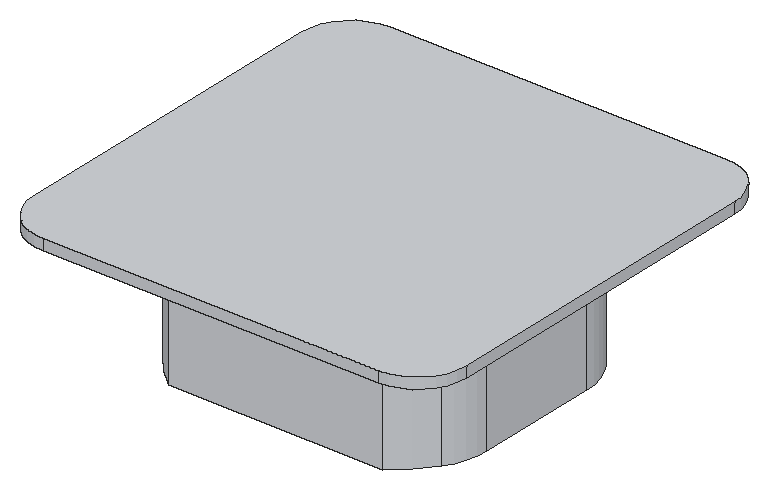
Revit family "Gira_541000", category Electrical Fixtures, host Face, Revit 2017
Family settings
  Host = Face
  Maintain Annotation Orientation = Yes
  Round Connector Dimension = Use Diameter
  Part Type = Normal
  Cut with Voids When Loaded = No
  Shared = No
  Room Calculation Point = No
Parameters (values of type "S3000 Impulseins. Einsatz")
  Zwangsabschaltung = "No"
  URL = "http://katalog.gira.de/de_DE/datenblatt.html?artikelnr=541000"
  Temperatur = "5 - 45"
  Region = "DE"
  Nur geeignet als Nebenstelle = "No"
  Nennspannung = "230 Volt"
  Name = "S3000 Impulseins. Einsatz"
  Montageart = "unter Putz"
  Mit N-Leiter = "No"
  Min. Tiefe der Gerätedose = "0,024 m"
  Manufacturer URL = "https://www.gira.de/"
  Keynote = "Einsatz_1fach"
  HeinzeBIM = "https://bimportal.heinze.de/bim/s3000-impulseins-einsatz/b6171c495ee3fed4726e6e84a98399ff51e85c69"
  HAN = "541000"
  Geeignet für gewickelten Niedervolttrafo = "Yes"
  Geeignet für elektronischen Niedervolttrafo = "Yes"
  Geeignet für Treppenlichtzeitschalter = "No"
  Geeignet für Schutzart (IP) = "IP20"
  Geeignet für Leuchtstofflampe/Energiesparlampe = "Yes"
  Geeignet für 230 V Glühlampe/Halogenlampe = "Yes"
  GTIN = "4010337048305"
  Eingang für Nebenstelle = "No"
  Default Elevation = 1219.2 mm
  Data sheet (1) = "https://katalog.gira.de/de_DE/download.html?artikelnr=541000"
  Category = "Bewegungsmelder Basiselement"
  Available = "Yes"
Reference planes
  plane 1 "Center (Front/Back)": y = 0
  plane 2: z = 0
  plane 3 "Center (Left/Right)": x = 0
Forms (mm)
  Extrusion 1, solid, detail levels fine
    sketch origin (0, 0, 0) x (1, 0, 0) y (0, 1, 0)
      loop
        line (27.475, 35.475) -> (-27.475, 35.475)
        arc (-27.475, 35.475) -> (-33.132, 33.132) -> (-35.475, 27.475) r 8
        line (-35.475, 27.475) -> (-35.475, -27.475)
        arc (-35.475, -27.475) -> (-33.132, -33.132) -> (-27.475, -35.475) r 8
        line (-27.475, -35.475) -> (27.475, -35.475)
        arc (27.475, -35.475) -> (33.132, -33.132) -> (35.475, -27.475) r 8
        line (35.475, -27.475) -> (35.475, 27.475)
        arc (35.475, 27.475) -> (33.132, 33.132) -> (27.475, 35.475) r 8
    from 0 to 1.8
  Extrusion 2, solid, detail levels fine
    sketch origin (0, 0, 0) x (1, 0, 0) y (0, 1, 0)
      loop
        line (9.678, 25.4) -> (-9.678, 25.4)
        arc (-9.678, 25.4) -> (-12.885, 24.922) -> (-15.814, 23.53) r 11
        arc (-15.814, 23.53) -> (-17.795, 22.07) -> (-19.641, 20.444) r 28.35
        arc (-19.641, 20.444) -> (-21.339, 18.665) -> (-22.876, 16.745) r 28.35
        arc (-22.876, 16.745) -> (-24.456, 13.666) -> (-25, 10.248) r 11
        line (-25, 10.248) -> (-25, -10.248)
        arc (-25, -10.248) -> (-24.456, -13.666) -> (-22.876, -16.745) r 11
        arc (-22.876, -16.745) -> (-20.409, -19.677) -> (-17.569, -22.25) r 28.35
        line (-17.569, -22.25) -> (17.569, -22.25)
        arc (17.569, -22.25) -> (20.409, -19.677) -> (22.876, -16.745) r 28.35
        arc (22.876, -16.745) -> (24.456, -13.666) -> (25, -10.248) r 11
        line (25, -10.248) -> (25, 10.248)
        arc (25, 10.248) -> (24.456, 13.666) -> (22.876, 16.745) r 11
        arc (22.876, 16.745) -> (21.593, 18.37) -> (20.195, 19.897) r 28.35
        arc (20.195, 19.897) -> (18.096, 21.823) -> (15.814, 23.53) r 28.35
        arc (15.814, 23.53) -> (12.885, 24.922) -> (9.678, 25.4) r 11
    from 0 to -22
  Extrusion 3, solid, detail levels medium
    sketch origin (0, 0, 0) x (1, 0, 0) y (0, 1, 0)
      loop
        line (-25, 25.4) -> (-25, -22.25) -> (25, -22.25) -> (25, 25.4) -> (-25, 25.4)
    from 0 to -22
  Extrusion 4, solid, detail levels coarse
    sketch origin (0, 0, 0) x (1, 0, 0) y (0, 1, 0)
      loop
        line (35.475, 35.475) -> (-35.475, 35.475) -> (-35.475, -35.475) -> (35.475, -35.475) -> (35.475, 35.475)
    from -22 to 1.8
  Extrusion 5, solid, detail levels medium
    sketch origin (0, 0, 0) x (1, 0, 0) y (0, 1, 0)
      loop
        line (35.475, 35.475) -> (-35.475, 35.475) -> (-35.475, -35.475) -> (35.475, -35.475) -> (35.475, 35.475)
    from 0 to 1.8
Dimensions and locks
  aligned and locked: plane 2 to host face
  aligned and locked: level to host face
  aligned and locked: plane 3 "Center (Left/Right)" to nested 1
  aligned and locked: plane 1 "Center (Front/Back)" to nested 1
Nested families
  nested 1: "RJ45-Datendose Beschriftung" at (0, 0, 0), type "RJ45-Datendose Beschriftung"
Connectors
  electrical at (0, 0, -22)
    settings: on Extrusion 4, index 1, voltage 220 V, apparent load 0 VA, apparent load phase1 0 VA, apparent load phase2 0 VA, apparent load phase3 0 VA, power factor 1, load classification "Other", number of poles 1, system type 30, power factor state 1, is connector primary yes, connector utility no, sub classification motor no, connector description ""
Definition of nested family "RJ45-Datendose Beschriftung"
  Reference planes
    plane 1: y = 0
    plane 2: x = 0
  Lines and regions (mm)
    Filled region 1, type "Gefüllter Bereich 1"
      outline origin (0, 0, 0) x (1, 0, 0) y (0, 1, 0)
        loop
          circle (0, 2.4) r 0.4
    detail lines
      curve 1: line (0, 0, 0) -> (0, 2, 0)
      curve 2: line (0, 2, 0) -> (1.2, 2, 0)
      curve 3: line (1.2, 2, 0) -> (1.2, 3.6, 0)
      curve 4: circle (0, 2.4, 0) r 0.4 normal (0, 0, 1)
      curve 5: line (0, 2, 0) -> (-1.2, 2, 0)
      curve 6: line (-1.2, 2, 0) -> (-1.2, 3.6, 0)
